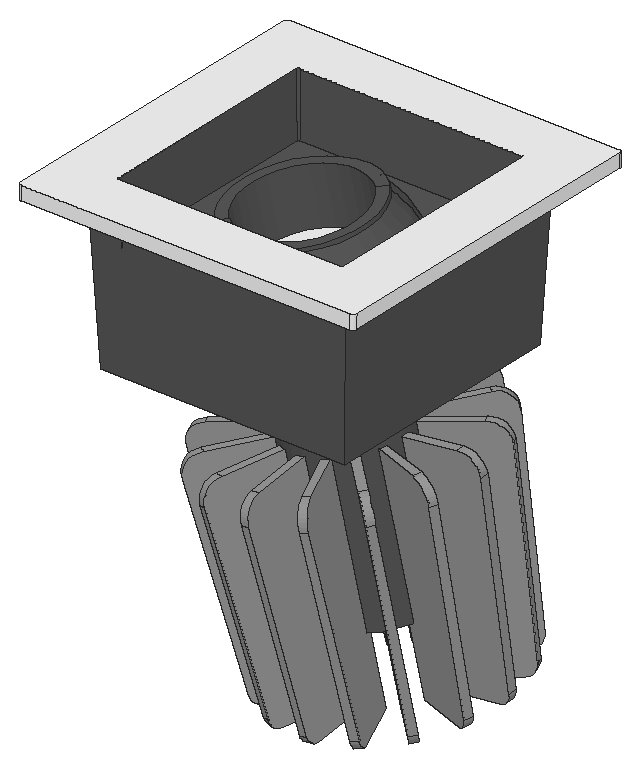
Revit family "2058042 Sylvania Lighting Fixture MYSQ AD BLK 2-7K DALI WHT BZ", category Lighting Fixtures, host Face, Revit 2016
Family settings
  Host = Face
  Part Type = Normal
  Round Connector Dimension = Use Diameter
  OmniClass Number = 23.80.70.00
  OmniClass Title = Lighting
  Cut with Voids When Loaded = Yes
  Light Source = No
  Shared = No
  Room Calculation Point = No
Parameters (values of type "2058042 MYSQ AD BLK 2.7K DALI WHT BZ")
  WidthCutOut_SYL = 72 mm
  Width_SYL = 86 mm
  WidthBezel_SYL = 7 mm
  Weight = "0.838 kg"
  Wattage Comments = "n/a"
  WarrantyStartDate [instance] = "n/a"
  WarrantyGuarantorParts = "n/a"
  WarrantyDurationUnit = "n/a"
  WarrantyDurationParts = "n/a"
  WarrantyDescription = "n/a"
  Voltage = 0 V
  VerticalTiltStart_FEILO [instance] = VerticalTilt_FEILO + 90.00°  # 135.00°
  VerticalTilt_FEILO [instance] = 45.00°
  URL = "http://www.sylvania-lighting.com"
  TypeName = "MYSQ AD BLK 2.7K DALI WHT BZ"
  TypeLamp_SYL = Myriad Adjustable Square Lamp : 2058042 MYSQ AD BLK 2.7K DALI WHT BZ
  Type Image = <None>
  Type Comments = "n/a"
  SphereRadius_FEILO = 31 mm
  SerialNumber [instance] = "n/a"
  Material_3_SYL = none
  PowerFactor = 0
  PowerConsumption = "10 W"
  NominalLength = 0 mm
  NominalHeight = 115 mm
  NominalDepth = 76 mm
  Name = "MYSQ AD BLK 2.7K DALI WHT BZ"
  ModelReference = Name  # "MYSQ AD BLK 2.7K DALI WHT BZ"
  ModelNumber = "2058042"
  Model = Name  # "MYSQ AD BLK 2.7K DALI WHT BZ"
  Material = "polycarbonate housing"
  ManufacturerName = "Feilo Sylvania"
  Manufacturer = "Feilo Sylvania"
  LuminousEfficacy = "68 lm/W"
  LuminaireType = ""
  LightOutputRatio = "100"
  LampsType = Lamp  # "LED"
  LampNominalLuminous = "567 lm"
  LampMacAdamStep = "n/a"
  LampColourTemperature = "2700 K"
  LampColourRenderingIndex = "85"
  Lamp = "LED"
  Keynote = "16500"
  InstallationDate [instance] = "n/a"
  InputVoltage = "n/a"
  InputNominalFrequency = "n/a"
  IngressProtection = "IP20"
  ImpactProtectionIndex = "IK02"
  IfcExportType = "IfcLightFixtureType"
  IfcExportAs = "IfcLightFixtureType"
  HorizontalTilt_FEILO [instance] = 10.00°
  HeightVoid_SYL = 16 mm
  HeightTop_SYL = 40 mm
  HeightBezel_SYL = 3.5 mm
  ExpectedLife = 50000
  ElectricShockClassification = "Class II"
  DurationUnit = "hours"
  DraftIn_SYL = tan(DraftAngle_SYL) * HeightVoid_SYL  # 0.699 mm
  DraftOut_SYL = tan(DraftAngle_SYL) * HeightTop_SYL  # 1.746 mm
  DraftAngle_SYL = 2.50°
  DocumentationLiterature = "http://www.sylvania-lighting.com/product/en-int/products/2058042"
  DimmingControlOptions = "n/a"
  Material_2_SYL = none
  Description = "Myriad Adjustable Square 2700K DALI black interior with white bezel"
  Default Elevation = 1219.2 mm
  CreatedOn = "9/11/2018"
  CreatedBy = "@sylvania-lighting.com"
  Cost = 0
  built-in parameter 1114216 [instance] = (empty or 0)
  ClassificationValue = "EF_70_80"
  ClassificationName = "Uniclass2015"
  Material_1_SYL = Body-Sylvania-MyriadAdjustableRound-Black
  BarCode [instance] = "n/a"
  AssetType = "Fixed"
  AssetIdentifier [instance] = "n/a"
  Assembly Code = "D5020200"
  Apparent Load = 10 VA
  Material_4_SYL = Body-Sylvania-MyriadAdjustableRound-White
Reference planes
  plane 1 "Center (Front/Back)": y = 0
  plane 2: z = 0
  plane 3 "Center (Left/Right)": x = 0
  plane 4: z = 3.5
  plane 5: z = -12.5
  plane 6: z = -24.5
  plane 7: x = -36
  plane 8: x = 36
  plane 9: x = -43
  plane 10: x = 43
  plane 11: x = -33
  plane 12: x = -31.254
  plane 13: x = 33
  plane 14: x = 31.254
  plane 15: y = 43
  plane 16: y = -43
  plane 17: y = 36
  plane 18: y = -36
  plane 19: y = -33
  plane 20: y = 33
  plane 21: y = 31.254
  plane 22: y = -31.254
  plane 23: z = -40
  plane 24: z = -130
  plane 25: y = 29
  plane 26: x = -29
  plane 27: x = 29
  plane 28: y = -29
  plane 29: x = -28.301
  plane 30: y = 28.301
  plane 31: x = 28.301
  plane 32: y = -28.301
  plane 33: x = -42.5
  plane 34: z = 3
Forms (mm)
  Revolve 1, solid, not visible
    sketch origin (0, 0, 0) x (1, 0, 0) y (0, 0, 1)
      loop
        line (0, -24.5) -> (2.4, -24.5) -> (2.4, -12.5) -> (0, -12.5) -> (0, -24.5)
      axis (0, -12.5) -> (0, -24.5)
    angle from 135 <- "VerticalTiltStart_FEILO" to 45 <- "VerticalTilt_FEILO"
  Extrusion 2, void
    sketch origin (0, 0, 0) x (1, 0, 0) y (0, 1, 0)
      loop
        line (-36, 36) -> (-36, -36) -> (36, -36) -> (36, 36) -> (-36, 36)
    from 0 to -130
  Extrusion 3, solid, material "Body-Sylvania-MyriadAdjustableRound-Black" <- "Material_1_SYL"
    sketch origin (0, 0, 0) x (1, 0, 0) y (0, 1, 0)
      loop
        arc (-42, 43) -> (-42.707, 42.707) -> (-43, 42) r 1
        line (-43, 42) -> (-43, -42)
        arc (-43, -42) -> (-42.707, -42.707) -> (-42, -43) r 1
        line (-42, -43) -> (42, -43)
        arc (42, -43) -> (42.707, -42.707) -> (43, -42) r 1
        line (43, -42) -> (43, 42)
        arc (43, 42) -> (42.707, 42.707) -> (42, 43) r 1
        line (42, 43) -> (-42, 43)
    from 0 to 3.5
  Blend 4, solid, material "Body-Sylvania-MyriadAdjustableRound-Black" <- "Material_1_SYL"
    base sketch origin (0, 0, 0) x (1, 0, 0) y (0, 1, 0)
      loop
        line (-33, 33) -> (-33, -33) -> (33, -33) -> (33, 33) -> (-33, 33)
    top sketch origin (0, 0, 0) x (1, 0, 0) y (0, 1, 0)
      loop
        line (-31.254, 31.254) -> (-31.254, -31.254) -> (31.254, -31.254) -> (31.254, 31.254) -> (-31.254, 31.254)
    from 0 to -40
  Blend 5, void
    base sketch origin (1223.4, -4572, 3.5) x (-1, 0, 0) y (0, -1, 0)
      loop
        arc (1251.727, -4601) -> (1252.203, -4600.803) -> (1252.4, -4600.327) r 0.673
        line (1252.4, -4600.327) -> (1252.4, -4543.673)
        arc (1252.4, -4543.673) -> (1252.203, -4543.197) -> (1251.727, -4543) r 0.673
        line (1251.727, -4543) -> (1195.073, -4543)
        arc (1195.073, -4543) -> (1194.597, -4543.197) -> (1194.4, -4543.673) r 0.673
        line (1194.4, -4543.673) -> (1194.4, -4600.327)
        arc (1194.4, -4600.327) -> (1194.597, -4600.803) -> (1195.073, -4601) r 0.673
        line (1195.073, -4601) -> (1251.727, -4601)
    top sketch origin (1223.4, -4572, 3.5) x (-1, 0, 0) y (0, -1, 0)
      loop
        arc (1251.201, -4600.301) -> (1251.555, -4600.155) -> (1251.701, -4599.801) r 0.5
        line (1251.701, -4599.801) -> (1251.701, -4544.199)
        arc (1251.701, -4544.199) -> (1251.555, -4543.845) -> (1251.201, -4543.699) r 0.5
        line (1251.201, -4543.699) -> (1195.638, -4543.699)
        arc (1195.638, -4543.699) -> (1195.257, -4543.857) -> (1195.099, -4544.238) r 0.539
        line (1195.099, -4544.238) -> (1195.099, -4599.801)
        arc (1195.099, -4599.801) -> (1195.245, -4600.155) -> (1195.599, -4600.301) r 0.5
        line (1195.599, -4600.301) -> (1251.201, -4600.301)
    from 0 to -16
  Revolve 6, void
    sketch origin (0, 0, 0) x (1, 0, 0) y (0, 0, 1)
      loop
        arc (0, 5.853) -> (-24.7, -24.5) -> (0, -54.853) r 31
        line (0, -54.853) -> (0, 5.853)
      axis (0, 5.853) -> (0, -54.853)
    angle from 360 to 0
Cuts and joins
  Blend 5 cuts Extrusion 3
  Blend 5, Revolve 6 cuts Blend 4
  joined: Extrusion 3, Blend 4
Lines and regions (mm)
  reference lines
    curve 1: circle (6.3, 0, -24.5) r 31 normal (0, -1, 0)
Dimensions and locks
  "HeightBezel_SYL": plane 4 to plane 2
  locked: plane 5 to plane 6 at 12
  equal spacing: plane 9, plane 3 "Center (Left/Right)", plane 10
  equal spacing: plane 16, plane 1 "Center (Front/Back)", plane 15
  "Width_SYL": plane 16 to plane 15
  "Width_SYL": plane 9 to plane 10
  equal spacing: plane 7, plane 3 "Center (Left/Right)", plane 8
  "WidthCutOut_SYL": plane 7 to plane 8
  equal spacing: plane 18, plane 1 "Center (Front/Back)", plane 17
  "WidthCutOut_SYL": plane 18 to plane 17
  equal spacing: plane 11, plane 3 "Center (Left/Right)", plane 13
  equal spacing: plane 19, plane 1 "Center (Front/Back)", plane 20
  locked: plane 18 to plane 19 at 3
  locked: plane 7 to plane 11 at 3
  equal spacing: plane 12, plane 3 "Center (Left/Right)", plane 14
  "DraftOut_SYL": plane 11 to plane 12
  equal spacing: plane 22, plane 1 "Center (Front/Back)", plane 21
  "DraftOut_SYL": plane 19 to plane 22
  "HeightTop_SYL": plane 2 to plane 23
  locked: plane 2 to plane 24 at 130
  equal spacing: plane 26, plane 3 "Center (Left/Right)", plane 27
  equal spacing: plane 28, plane 1 "Center (Front/Back)", plane 25
  "WidthBezel_SYL": plane 25 to plane 17
  "WidthBezel_SYL": plane 7 to plane 26
  equal spacing: plane 29, plane 3 "Center (Left/Right)", plane 31
  "DraftIn_SYL": plane 26 to plane 29
  equal spacing: plane 32, plane 1 "Center (Front/Back)", plane 30
  "DraftIn_SYL": plane 28 to plane 32
  "HeightVoid_SYL": plane 4 to plane 5
  locked: plane 33 to plane 9 at 0.5
  locked: plane 4 to plane 34 at 0.5
  curve 1 to plane 3 "Center (Left/Right)" = 6.3 mm
  "SphereRadius_FEILO": radius of curve 1
  aligned and locked: plane 2 to host face
  aligned and locked: level to host face
  aligned and locked: plane 6 to Revolve 1 sketch curve
  aligned and locked: Revolve 1 sketch curve to plane 3 "Center (Left/Right)"  (x2)
  aligned and locked: Revolve 1 sketch curve to plane 5
  aligned and locked: plane 17 to Extrusion 2 sketch curve
  aligned and locked: Extrusion 2 sketch curve to plane 18
  aligned and locked: Extrusion 2 sketch curve to plane 8
  aligned and locked: plane 7 to Extrusion 2 sketch curve
  aligned and locked: plane 24 to Extrusion 2
  aligned and locked: level to Extrusion 2
  aligned and locked: plane 15 to Extrusion 3 sketch curve
  aligned and locked: plane 9 to Extrusion 3 sketch curve
  aligned and locked: Extrusion 3 sketch curve to plane 16
  aligned and locked: Extrusion 3 sketch curve to plane 10
  aligned and locked: Extrusion 3 to plane 4
  aligned and locked: Extrusion 3 to level
  aligned and locked: plane 20 to Blend 4 sketch curve
  aligned and locked: Blend 4 sketch curve to plane 19
  aligned and locked: Blend 4 sketch curve to plane 13
  aligned and locked: plane 11 to Blend 4 sketch curve
  aligned and locked: plane 21 to Blend 4 sketch curve
  aligned and locked: plane 12 to Blend 4 sketch curve
  aligned and locked: Blend 4 sketch curve to plane 22
  aligned and locked: Blend 4 sketch curve to plane 14
  aligned and locked: plane 23 to Blend 4
  aligned and locked: level to Blend 4
  aligned and locked: nested 1 to plane 6
  aligned and locked: plane 25 to Blend 5 sketch curve
  aligned and locked: plane 26 to Blend 5 sketch curve
  aligned and locked: Blend 5 sketch curve to plane 28
  aligned and locked: Blend 5 sketch curve to plane 27
  aligned and locked: plane 30 to Blend 5 sketch curve
  aligned and locked: plane 29 to Blend 5 sketch curve
  aligned and locked: Blend 5 sketch curve to plane 32
  aligned and locked: Blend 5 sketch curve to plane 31
  aligned and locked: plane 5 to Blend 5
  aligned and locked: Blend 5 to plane 4
  aligned and locked: plane 6 to curve 1
  aligned and locked: Revolve 6 sketch curve to plane 3 "Center (Left/Right)"
Automatic sketch dimensions
  host sketch curve to host sketch curve = 2438.4 mm  (x2)
  Revolve 1 sketch curve to plane 4 = 2605.558 mm
  plane 3 "Center (Left/Right)" to Revolve 1 sketch curve = 2.4 mm
  plane 6 to Revolve 1 sketch curve = 577.6 mm
  plane 9 to Extrusion 3 sketch curve = 1 mm
  Extrusion 3 sketch curve to Extrusion 3 sketch curve = 1 mm
  Extrusion 3 sketch curve to plane 10 = 1 mm  (x2)
  plane 31 to Blend 5 sketch curve = 0.026 mm  (x2)
  Blend 5 sketch curve to plane 29 = 0.026 mm  (x2)
  Blend 5 sketch curve to Blend 5 sketch curve = 0.5 mm
  Blend 5 sketch curve to Blend 5 sketch curve = 0.539 mm
  plane 29 to Blend 5 sketch curve = 0.5 mm  (x2)
  plane 24 to Revolve 6 sketch curve = 479.6 mm
  Revolve 6 sketch curve to plane 4 = 2605.558 mm
  Revolve 6 sketch curve to plane 3 "Center (Left/Right)" = 0 mm
  Revolve 6 sketch curve to plane 6 = 0 mm
  plane 3 "Center (Left/Right)" to Revolve 6 sketch curve = 6.3 mm
  Revolve 6 sketch curve to plane 4 = 2.353 mm
Nested families
  nested 1: "Myriad Adjustable Square Rotation Feature" at (-0.473, 0.473, -24.5) x (-0.7071, 0.7071, 0) z (-0.7071, -0.7071, 0), HorizontalAxis <- "HorizontalTilt_FEILO", type "Myriad Adjustable Square Rotation Feature"
    with HorizontalAxis 10.00°, EndAngle 100.00°
  nested 2: "Myriad Adjustable Square Lamp" at (0, 0, -24.5) x (0.6964, 0.6964, 0.1736) z (0.1228, 0.1228, -0.9848), type <- "TypeLamp_SYL", type "2058042 MYSQ AD BLK 2.7K DALI WHT BZ"
Connectors
  electrical at (0, 0, 0), driven by "Apparent Load", driven by "PowerFactor", driven by "Voltage"
    settings: index 1, voltage 0 V, apparent load 10 VA, apparent load phase1 0 VA, apparent load phase2 0 VA, apparent load phase3 0 VA, power factor 0, load classification "Lighting", number of poles 1, system type 30, power factor state 1, is connector primary yes, connector utility no, sub classification motor no, connector description ""
Definition of nested family "Myriad Adjustable Square Rotation Feature"
  Parameters (values of type "Myriad Adjustable Square Rotation Feature")
    URL = "http://www.sylvania-lighting.com"
    Type Comments = "n/a"
    Model = "n/a"
    Manufacturer = "Feilo Sylvania"
    Keynote = "n/a"
    HorizontalAxis [instance] = 0.00°
    EndAngle [instance] = HorizontalAxis + 90.00°  # 90.00°
    Description = "n/a"
    Default Elevation = 1219.2 mm
    Cost = 0
    Assembly Code = "n/a"
  Reference planes
    plane 1 "Center (Front/Back)": y = 0
    plane 2: z = 0
    plane 3 "Center (Left/Right)": x = 0
    plane 4: z = 10
    plane 5: x = -10
    plane 6: x = 10
  Forms (mm)
    Extrusion 1, solid
      sketch origin (-0.8, 0, 0) x (1, 0, 0) y (0, 1, 0)
        loop
          line (-1219.2, 1219.2) -> (-1219.2, -1219.2) -> (1219.2, -1219.2) -> (1219.2, 1219.2) -> (-1219.2, 1219.2)
      from 0 to -304.8
    Revolve 2, solid
      sketch origin (0, 0, 0) x (1, 0, 0) y (0, 0, 1)
        loop
          line (-10, 10) -> (-10, 0) -> (10, 0) -> (10, 10) -> (-10, 10)
        axis (-10, 0) -> (10, 0)
      angle from 0 <- "HorizontalAxis" to 90 <- "EndAngle"
  Dimensions and locks
    plane 4 to plane 2 = 10 mm
    aligned and locked: plane 2 to Extrusion 1
    aligned and locked: level to Extrusion 1
    aligned and locked: Revolve 2 sketch curve to plane 4
    aligned and locked: plane 5 to Revolve 2 sketch curve
    aligned and locked: Extrusion 1 to Revolve 2 sketch curve
    aligned and locked: Revolve 2 sketch curve to plane 2
    aligned and locked: Revolve 2 sketch curve to plane 6
Definition of nested family "Myriad Adjustable Square Lamp"
  Parameters (values of type "2058044 MYSQ AD BLK 2.7K DALI SIL BZ")
    Wattage = 10 W
    built-in parameter 1150110 = 1 (stored number, unit not read)
    URL = "http://www.sylvania-lighting.com"
    Type Comments = "n/a"
    built-in parameter 1114217 = 1 (stored number, unit not read)
    Tilt Angle = 90.00°
    built-in parameter 1150109 = 1 (stored number, unit not read)
    built-in parameter 1150134 = (empty or 0)
    built-in parameter 1150113 = 1 (stored number, unit not read)
    SphereRadius_SYL = 31 mm
    RimHeight_SYL = 1 mm
    Material_3_SYL = none
    Photometric Web File = "2058044.ies"
    Model = "MYSQ AD BLK 2.7K DALI SIL BZ"
    Manufacturer = "Feilo Sylvania"
    built-in parameter 1150105 = 54.113 (stored number, unit not read)
    Lumens = 680 lm
    built-in parameter 1150115 = 1 (stored number, unit not read)
    built-in parameter 1150137 = (empty or 0)
    built-in parameter 1150139 = (empty or 0)
    built-in parameter 1150112 = 1 (stored number, unit not read)
    built-in parameter 1150114 = 1 (stored number, unit not read)
    Lamp = "LED"
    Keynote = "16500"
    built-in parameter 1150132 = (empty or 0)
    built-in parameter 1150102 = (empty or 0)
    built-in parameter 1150107 = 2700 (stored number, unit not read)
    built-in parameter 1150138 = (empty or 0)
    built-in parameter 1150106 = 0.54113 (stored number, unit not read)
    Emit from Circle Diameter = 30 mm
    Emit Shape Visible in Rendering = no
    built-in parameter 1150104 = 6.3174 (stored number, unit not read)
    Dimming Lamp Color Temperature Shift = (empty or 0)
    Material_2_SYL = none
    Description = "Myriad Adjustable Square 2700K DALI black interior with silver bezel"
    Default Elevation = 1219.2 mm
    Cost = 0
    Color Filter = 16777215
    Material_1_SYL = none
    built-in parameter 1114218 = 1 (stored number, unit not read)
    built-in parameter 1150133 = 10 (stored number, unit not read)
    Assembly Code = "D5020200"
    Material_4_SYL = none
    Apparent Load = 10 VA
  Types (24, lengths in mm): name | built-in parameter 1150134 | Photometric Web File | Model | built-in parameter 1150105 | Lumens | built-in parameter 1150107 | built-in parameter 1150106 | built-in parameter 1150104 | Description
    2058044 MYSQ AD BLK 2.7K DALI SIL BZ | (empty or 0) | "2058044.ies" | "MYSQ AD BLK 2.7K DALI SIL BZ" | 54.113 (stored number, unit not read) | 680 lm | 2700 (stored number, unit not read) | 0.54113 (stored number, unit not read) | 6.3174 (stored number, unit not read) | "Myriad Adjustable Square 2700K DALI black interior with silver bezel"
    2058043 MYSQ AD BLK 2.7K PHDIM SIL BZ | (empty or 0) | "2058043.ies" | "MYSQ AD BLK 2.7K PHDIM SIL BZ" | 54.113 (stored number, unit not read) | 680 lm | 2700 (stored number, unit not read) | 0.54113 (stored number, unit not read) | 6.3174 (stored number, unit not read) | "Myriad Adjustable Square 2700K Phase dimmable black interior with silver bezel"
    2058042 MYSQ AD BLK 2.7K DALI WHT BZ | (empty or 0) | "2058042.ies" | "MYSQ AD BLK 2.7K DALI WHT BZ" | 54.113 (stored number, unit not read) | 680 lm | 2700 (stored number, unit not read) | 0.54113 (stored number, unit not read) | 6.3174 (stored number, unit not read) | "Myriad Adjustable Square 2700K DALI black interior with white bezel"
    2058041 MYSQ AD BLK 2.7K PHDIM WHT BZ | (empty or 0) | "2058041.ies" | "MYSQ AD BLK 2.7K PHDIM WHT BZ" | 45.359 (stored number, unit not read) | 570 lm | 2700 (stored number, unit not read) | 0.45359 (stored number, unit not read) | 5.2955 (stored number, unit not read) | "Myriad Adjustable Square 2700K Phase dimmable black interior with white bezel"
    2058040 MYSQ AD WHT 2.7K DALI SIL BZ | (empty or 0) | "2058040.ies" | "MYSQ AD WHT 2.7K DALI SIL BZ" | 45.359 (stored number, unit not read) | 570 lm | 2700 (stored number, unit not read) | 0.45359 (stored number, unit not read) | 5.2955 (stored number, unit not read) | "Myriad Adjustable Square 2700K DALI White interior with silver bezel."
    2058039 MYSQ AD WHT 2.7K PHDIM SIL BZ | (empty or 0) | "2058039.ies" | "MYSQ AD WHT 2.7K PHDIM SIL BZ" | 54.113 (stored number, unit not read) | 680 lm | 2700 (stored number, unit not read) | 0.54113 (stored number, unit not read) | 6.3174 (stored number, unit not read) | "MYSQ AD WHT 2.7K PHDIM SIL BZ"
    2058038 MYSQ AD WHT 2.7K DALI WHT BZ | (empty or 0) | "2058038.ies" | "MYSQ AD WHT 2.7K DALI WHT BZ" | 54.113 (stored number, unit not read) | 680 lm | 2700 (stored number, unit not read) | 0.54113 (stored number, unit not read) | 6.3174 (stored number, unit not read) | "MYSQ AD WHT 2.7K DALI WHT BZ"
    2058037 MYSQ AD WHT 2.7K PHDIM WHT BZ | (empty or 0) | "2058037.ies" | "MYSQ AD WHT 2.7K PHDIM WHT BZ" | 54.113 (stored number, unit not read) | 680 lm | 2700 (stored number, unit not read) | 0.54113 (stored number, unit not read) | 6.3174 (stored number, unit not read) | "Myriad Adjustable SQ White 2,7K Phase dim White Bezel"
    2056239 MYD ADJ SQ BLK 4K DALI SIL BEZ | 12 | "2056239.ies" | "MYD ADJ SQ BLK 4K DALI SIL BEZ" | 54.113 (stored number, unit not read) | 680 lm | 4000 (stored number, unit not read) | 0.54113 (stored number, unit not read) | 6.3174 (stored number, unit not read) | "MYD ADJ SQ BLK 4K DALI SIL BEZ"
    2056238 MYR ADJ SQ BLK 4K PHDIM SIL BEZ | 12 | "2056238.ies" | "MYR ADJ SQ BLK 4K PHDIM SIL BEZ" | 54.113 (stored number, unit not read) | 680 lm | 4000 (stored number, unit not read) | 0.54113 (stored number, unit not read) | 6.3174 (stored number, unit not read) | "MYR ADJ SQ BLK 4K PHDIM SIL BEZ"
    2056237 MYD ADJ SQ BLK 4K DALI WHT BEZ | 12 | "2056237.ies" | "MYD ADJ SQ BLK 4K DALI WHT BEZ" | 54.113 (stored number, unit not read) | 680 lm | 4000 (stored number, unit not read) | 0.54113 (stored number, unit not read) | 6.3174 (stored number, unit not read) | "MYD ADJ SQ BLK 4K DALI WHT BEZ"
    2056236 MYD ADJ SQ BLK 4K PHDIM WHT BEZ | 12 | "2056236.ies" | "MYD ADJ SQ BLK 4K PHDIM WHT BEZ" | 54.113 (stored number, unit not read) | 680 lm | 4000 (stored number, unit not read) | 0.54113 (stored number, unit not read) | 6.3174 (stored number, unit not read) | "MYD ADJ SQ BLK 4K PHDIM WHT BEZ"
    2056235 MYD ADJ SQ BLK 3K DALI SIL BEZ | (empty or 0) | "2056235.ies" | "MYD ADJ SQ BLK 3K DALI SIL BEZ" | 55.704 (stored number, unit not read) | 700 lm | 3000 (stored number, unit not read) | 0.55704 (stored number, unit not read) | 6.5032 (stored number, unit not read) | "MYD ADJ SQ BLK 3K DALI SIL BEZ"
    2056234 MYD ADJ SQ BLK 3K PHDIM SILBEZ | (empty or 0) | "2056234.ies" | "MYD ADJ SQ BLK 3K PHDIM SILBEZ" | 55.704 (stored number, unit not read) | 700 lm | 3000 (stored number, unit not read) | 0.55704 (stored number, unit not read) | 6.5032 (stored number, unit not read) | "MYD ADJ SQ BLK 3K PHDIM SILBEZ"
    2056233 MYD ADJ SQ BLK 3K DALI WHT BEZ | (empty or 0) | "2056233.ies" | "MYD ADJ SQ BLK 3K DALI WHT BEZ" | 55.704 (stored number, unit not read) | 700 lm | 3000 (stored number, unit not read) | 0.55704 (stored number, unit not read) | 6.5032 (stored number, unit not read) | "MYD ADJ SQ BLK 3K DALI WHT BEZ"
    2056232 MYD ADJ SQ BLK 3K PHDIM WHT BEZ | (empty or 0) | "2056232.ies" | "MYD ADJ SQ BLK 3K PHDIM WHT BEZ" | 55.704 (stored number, unit not read) | 700 lm | 3000 (stored number, unit not read) | 0.55704 (stored number, unit not read) | 6.5032 (stored number, unit not read) | "MYD ADJ SQ BLK 3K PHDIM WHT BEZ"
    2056231 MYD ADJ SQ WHT 4K DALI SIL BEZ | 12 | "2056231.ies" | "MYD ADJ SQ WHT 4K DALI SIL BEZ" | 54.113 (stored number, unit not read) | 680 lm | 4000 (stored number, unit not read) | 0.54113 (stored number, unit not read) | 6.3174 (stored number, unit not read) | "MYD ADJ SQ WHT 4K DALI SIL BEZ"
    2056230 MYD ADJ SQ WHT 4K PHDIM SIL BEZ | 12 | "2056230.ies" | "MYD ADJ SQ WHT 4K PHDIM SIL BEZ" | 54.113 (stored number, unit not read) | 680 lm | 4000 (stored number, unit not read) | 0.54113 (stored number, unit not read) | 6.3174 (stored number, unit not read) | "Myriad Adjustable Square 4000K phase dimmable white with silver bezel"
    2056229 MYD ADJ SQ WHT 4K DALI WHT BEZ | 12 | "2056229.ies" | "MYD ADJ SQ WHT 4K DALI WHT BEZ" | 54.113 (stored number, unit not read) | 680 lm | 4000 (stored number, unit not read) | 0.54113 (stored number, unit not read) | 6.3174 (stored number, unit not read) | "MYD ADJ SQ WHT 4K DALI WHT BEZ"
    2056228 MYD ADJ SQ WHT 4K PHDIM WHT BEZ | 12 | "2056228.ies" | "MYD ADJ SQ WHT 4K PHDIM WHT BEZ" | 54.113 (stored number, unit not read) | 680 lm | 4000 (stored number, unit not read) | 0.54113 (stored number, unit not read) | 6.3174 (stored number, unit not read) | "MYD ADJ SQ WHT 4K PHDIM WHT BEZ"
    2056227 MYD ADJ SQ WHT 3K DALI SIL BEZ | (empty or 0) | "2056227.ies" | "MYD ADJ SQ WHT 3K DALI SIL BEZ" | 55.704 (stored number, unit not read) | 700 lm | 3000 (stored number, unit not read) | 0.55704 (stored number, unit not read) | 6.5032 (stored number, unit not read) | "MYD ADJ SQ WHT 3K DALI SIL BEZ"
    2056226 MYD ADJ SQ WHT 3K PHDIM SIL BEZ | (empty or 0) | "2056226.ies" | "MYD ADJ SQ WHT 3K PHDIM SIL BEZ" | 55.704 (stored number, unit not read) | 700 lm | 3000 (stored number, unit not read) | 0.55704 (stored number, unit not read) | 6.5032 (stored number, unit not read) | "MYD ADJ SQ WHT 3K PHDIM SIL BEZ"
    2056225 MYD ADJ SQ WHT 3K DALI WHT BEZ | (empty or 0) | "2056225.ies" | "MYD ADJ SQ WHT 3K DALI WHT BEZ" | 55.704 (stored number, unit not read) | 700 lm | 3000 (stored number, unit not read) | 0.55704 (stored number, unit not read) | 6.5032 (stored number, unit not read) | "MYD ADJ SQ WHT 3K DALI WHT BEZ"
    2056224 MYD ADJ SQ WHT 3K PHDIM WHT BEZ | (empty or 0) | "2056224.ies" | "MYD ADJ SQ WHT 3K PHDIM WHT BEZ" | 55.704 (stored number, unit not read) | 700 lm | 3000 (stored number, unit not read) | 0.55704 (stored number, unit not read) | 6.5032 (stored number, unit not read) | "MYD ADJ SQ WHT 3K PHDIM WHT BEZ"
  Reference planes
    plane 1 "Center (Front/Back)": y = 0
    plane 2: z = 0
    plane 3 "Center (Left/Right)": x = 0
    plane 4: x = -35
    plane 5: x = -12
    plane 6: x = -15
    plane 7: x = -25
    plane 8: x = -17.8
    plane 9: z = -19.5
    plane 10: z = 19.5
    plane 11: z = 30.5
    plane 12: z = 71.5
    plane 13: z = 90.5
    plane 14: z = 0
    plane 15: z = -5.5
    plane 16: x = -30
    plane 17: z = -20.5
  Forms (mm)
    Extrusion 1, solid
      sketch origin (-0.8, 0, 0) x (1, 0, 0) y (0, 1, 0)
        loop
          line (-1219.2, 1219.2) -> (-1219.2, -1219.2) -> (1219.2, -1219.2) -> (1219.2, 1219.2) -> (-1219.2, 1219.2)
      from 0 to -304.8
    Revolve 2, solid, material <- "Material_1_SYL"
      sketch origin (0, 0, 0) x (1, 0, 0) y (0, 0, 1)
        loop
          line (-15, -20.5) -> (-15, -5.5) -> (0, -5.5) -> (0, 30.5) -> (-12, 30.5) -> (-12, 71.5) -> (-15, 71.5) -> (-15, 19.5) -> (-17.8, 19.5)
          arc (-17.8, 19.5) -> (-24.701, 0) -> (-17.8, -19.5) r 31
          line (-17.8, -19.5) -> (-17.8, -20.5) -> (-15, -20.5)
        axis (0, 71.5) -> (0, -20.5)
      angle from 0 to 360
    Revolve 3, solid, material <- "Material_1_SYL", detail levels coarse+medium
      sketch origin (0, 0, 0) x (1, 0, 0) y (0, 0, 1)
        loop
          line (0, 30.5) -> (0, 90.5) -> (-30, 90.5) -> (-35, 30.5) -> (0, 30.5)
        axis (0, 90.5) -> (0, 30.5)
      angle from 0 to 360
  Lines and regions (mm)
    reference lines
      curve 1: line (0, 0, 0) -> (-32.336, 13.394, 0)
      curve 2: circle (0, 0, 0) r 35 normal (0, 0, 1)
      curve 3: line (0, 0, 0) -> (-24.749, 24.749, 0)
      curve 4: line (0, 0, 0) -> (-13.394, 32.336, 0)
      curve 5: line (0, 0, 0) -> (13.394, 32.336, 0)
      curve 6: line (0, 0, 0) -> (24.749, 24.749, 0)
      curve 7: line (0, 0, 0) -> (32.336, 13.394, 0)
      curve 8: line (0, 0, 0) -> (32.336, -13.394, 0)
      curve 9: line (0, 0, 0) -> (24.749, -24.749, 0)
      curve 10: line (0, 0, 0) -> (13.394, -32.336, 0)
      curve 11: line (0, 0, 0) -> (-13.394, -32.336, 0)
      curve 12: line (0, 0, 0) -> (-24.749, -24.749, 0)
      curve 13: line (0, 0, 0) -> (-32.336, -13.394, 0)
  Dimensions and locks
    locked: plane 3 "Center (Left/Right)" to plane 4 at 35
    locked: plane 3 "Center (Left/Right)" to plane 5 at 12
    locked: plane 3 "Center (Left/Right)" to plane 6 at 15
    locked: plane 3 "Center (Left/Right)" to plane 7 at 25
    locked: plane 3 "Center (Left/Right)" to plane 8 at 17.8
    equal spacing: plane 10, plane 14, plane 9
    locked: plane 3 "Center (Left/Right)" to plane 16 at 30
    "RimHeight_SYL": plane 9 to plane 17
    locked: plane 15 to plane 17 at 15
    locked: plane 10 to plane 17 at 40
    locked: plane 11 to plane 17 at 51
    locked: plane 12 to plane 17 at 92
    locked: plane 13 to plane 17 at 111
    radius of curve 2 = 35 mm
    "SphereRadius_SYL": radius of Revolve 2 sketch curve
    angle curve 3 to plane 1 "Center (Front/Back)" = 45.00°
    angle curve 4 to plane 1 "Center (Front/Back)" = 67.50°
    angle plane 1 "Center (Front/Back)" to curve 5 = 67.50°
    angle plane 1 "Center (Front/Back)" to curve 6 = 45.00°
    angle plane 1 "Center (Front/Back)" to curve 7 = 22.50°
    angle curve 8 to plane 1 "Center (Front/Back)" = 22.50°
    angle curve 9 to plane 1 "Center (Front/Back)" = 45.00°
    angle curve 10 to plane 1 "Center (Front/Back)" = 67.50°
    angle curve 11 to plane 3 "Center (Left/Right)" = 22.50°
    angle curve 12 to plane 3 "Center (Left/Right)" = 45.00°
    angle curve 13 to plane 3 "Center (Left/Right)" = 67.50°
    aligned and locked: plane 2 to Extrusion 1
    aligned and locked: level to Extrusion 1
    aligned and locked: Revolve 2 sketch curve to plane 3 "Center (Left/Right)"  (x2)
    aligned and locked: plane 8 to Revolve 2 sketch curve  (x2)
    aligned and locked: plane 10 to Revolve 2 sketch curve
    aligned and locked: plane 6 to Revolve 2 sketch curve  (x2)
    aligned and locked: plane 12 to Revolve 2 sketch curve
    aligned and locked: Revolve 2 sketch curve to plane 5
    aligned and locked: plane 3 "Center (Left/Right)" to Revolve 2 sketch curve
    aligned and locked: plane 11 to Revolve 2 sketch curve
    aligned and locked: plane 3 "Center (Left/Right)" to curve 1
    aligned and locked: plane 3 "Center (Left/Right)" to curve 2
    aligned and locked: Revolve 3 sketch curve to plane 3 "Center (Left/Right)"
    aligned and locked: plane 13 to Revolve 3 sketch curve
    aligned and locked: plane 14 to level
    aligned and locked: plane 17 to Revolve 2 sketch curve
    aligned and locked: plane 15 to Revolve 2 sketch curve
    aligned and locked: imposter light to plane 1 "Center (Front/Back)"
    aligned and locked: plane 3 "Center (Left/Right)" to imposter light
    aligned and locked: plane 1 "Center (Front/Back)" to nested 1
    aligned and locked: plane 3 "Center (Left/Right)" to nested 1
    aligned and locked: imposter light to plane 15
  Automatic sketch dimensions
    Extrusion 1 sketch curve to Extrusion 1 sketch curve = 2438.4 mm  (x2)
    plane 1 "Center (Front/Back)" to curve 2 = 0 mm
    plane 1 "Center (Front/Back)" to curve 11 = 0 mm
    curve 1 to plane 16 = 2.336 mm
    Revolve 3 sketch curve to level = 609.6 mm
    Revolve 3 sketch curve to Revolve 3 sketch curve = 2498.058 mm
    Revolve 3 sketch curve to plane 4 = 0 mm
    Revolve 3 sketch curve to plane 16 = 0 mm
    Revolve 3 sketch curve to plane 3 "Center (Left/Right)" = 0 mm
    Revolve 3 sketch curve to plane 11 = 0 mm
    Revolve 2 sketch curve to level = 0 mm
    Revolve 2 sketch curve to plane 17 = 588.1 mm
    Revolve 2 sketch curve to plane 13 = 2498.058 mm
  Nested families
    nested 1: "Myriad Rib" at (0, 0, -20.5), type "Myriad Rib", detail levels fine
    nested 2: "Myriad Rib" at (0, 0, -20.5) x (0.9239, -0.3827, 0) z (0, 0, 1), type "Myriad Rib", detail levels fine
    nested 3: "Myriad Rib" at (0, 0, -20.5) x (0.7071, -0.7071, 0) z (0, 0, 1), type "Myriad Rib", detail levels fine
    nested 4: "Myriad Rib" at (0, 0, -20.5) x (0.3827, -0.9239, 0) z (0, 0, 1), type "Myriad Rib", detail levels fine
    nested 5: "Myriad Rib" at (0, 0, -20.5) x (0, -1, 0) z (0, 0, 1), type "Myriad Rib", detail levels fine
    nested 6: "Myriad Rib" at (0, 0, -20.5) x (-0.3827, -0.9239, 0) z (0, 0, 1), type "Myriad Rib", detail levels fine
    nested 7: "Myriad Rib" at (0, 0, -20.5) x (-0.7071, -0.7071, 0) z (0, 0, 1), type "Myriad Rib", detail levels fine
    nested 8: "Myriad Rib" at (0, 0, -20.5) x (-0.9239, -0.3827, 0) z (0, 0, 1), type "Myriad Rib", detail levels fine
    nested 9: "Myriad Rib" at (0, 0, -20.5) x (-1, 0, 0) z (0, 0, 1), type "Myriad Rib", detail levels fine
    nested 10: "Myriad Rib" at (0, 0, -20.5) x (-0.9239, 0.3827, 0) z (0, 0, 1), type "Myriad Rib", detail levels fine
    nested 11: "Myriad Rib" at (0, 0, -20.5) x (-0.7071, 0.7071, 0) z (0, 0, 1), type "Myriad Rib", detail levels fine
    nested 12: "Myriad Rib" at (0, 0, -20.5) x (-0.3827, 0.9239, 0) z (0, 0, 1), type "Myriad Rib", detail levels fine
    nested 13: "Myriad Rib" at (0, 0, -20.5) x (0, 1, 0) z (0, 0, 1), type "Myriad Rib", detail levels fine
    nested 14: "Myriad Rib" at (0, 0, -20.5) x (0.3827, 0.9239, 0) z (0, 0, 1), type "Myriad Rib", detail levels fine
    nested 15: "Myriad Rib" at (0, 0, -20.5) x (0.7071, 0.7071, 0) z (0, 0, 1), type "Myriad Rib", detail levels fine
    nested 16: "Myriad Rib" at (0, 0, -20.5) x (0.9239, 0.3827, 0) z (0, 0, 1), type "Myriad Rib", detail levels fine
  Definition of nested family "Myriad Rib"
    Parameters (values of type "Myriad Rib")
      URL = "http://www.feilosylvania.com"
      Type Comments = "n/a"
      Material_3_SYL = none
      Model = "n/a"
      Manufacturer = "Feilo Sylvania"
      Keynote = "n/a"
      Material_2_SYL = none
      Description = "n/a"
      Default Elevation = 1219.2 mm
      Cost = 0
      Material_1_SYL = none
      Assembly Code = "n/a"
      Material_4_SYL = none
    Reference planes
      plane 1 "Center (Front/Back)": y = 0
      plane 2: z = 0
      plane 3 "Center (Left/Right)": x = 0
      plane 4: x = -35
      plane 5: x = -30
      plane 6: x = -13
      plane 7: z = 51
      plane 8: z = 111
      plane 9: y = 1
      plane 10: y = -1
    Forms (mm)
      Extrusion 1, solid
        sketch origin (-0.8, 0, 0) x (1, 0, 0) y (0, 1, 0)
          loop
            line (-1219.2, 1219.2) -> (-1219.2, -1219.2) -> (1219.2, -1219.2) -> (1219.2, 1219.2) -> (-1219.2, 1219.2)
        from 0 to -304.8
      Extrusion 2, solid, material <- "Material_1_SYL"
        sketch origin (0, 0, 0) x (1, 0, 0) y (0, 0, 1)
          loop
            line (-13, 111) -> (-27.182, 111)
            arc (-27.182, 111) -> (-29.214, 110.208) -> (-30.172, 108.249) r 3
            line (-30.172, 108.249) -> (-34.491, 56.415)
            arc (-34.491, 56.415) -> (-33.188, 52.614) -> (-29.509, 51) r 5
            line (-29.509, 51) -> (-13, 51) -> (-13, 111)
        from -1 to 1
    Dimensions and locks
      locked: plane 7 to plane 2 at 51
      locked: plane 8 to plane 2 at 111
      locked: plane 3 "Center (Left/Right)" to plane 6 at 13
      locked: plane 3 "Center (Left/Right)" to plane 5 at 30
      locked: plane 3 "Center (Left/Right)" to plane 4 at 35
      equal spacing: plane 10, plane 1 "Center (Front/Back)", plane 9, locked at 1 each
      locked: plane 10 to plane 9 at 2
      aligned and locked: plane 2 to Extrusion 1
      aligned and locked: level to Extrusion 1
      aligned and locked: plane 8 to Extrusion 2 sketch curve  (x2)
      aligned and locked: Extrusion 2 sketch curve to plane 6
      aligned and locked: Extrusion 2 sketch curve to plane 7
      aligned and locked: Extrusion 2 to plane 9
      aligned and locked: plane 10 to Extrusion 2
    Automatic sketch dimensions
      Extrusion 1 sketch curve to Extrusion 1 sketch curve = 2438.4 mm  (x2)
      Extrusion 2 sketch curve to plane 6 = 0 mm
      plane 5 to Extrusion 2 sketch curve = 2.818 mm
      plane 5 to Extrusion 2 sketch curve = 0.491 mm
      Extrusion 2 sketch curve to plane 5 = 0.172 mm
      plane 4 to Extrusion 2 sketch curve = 0.509 mm
      Extrusion 2 sketch curve to Extrusion 2 sketch curve = 5 mm
      Extrusion 2 sketch curve to Extrusion 2 sketch curve = 3 mm
